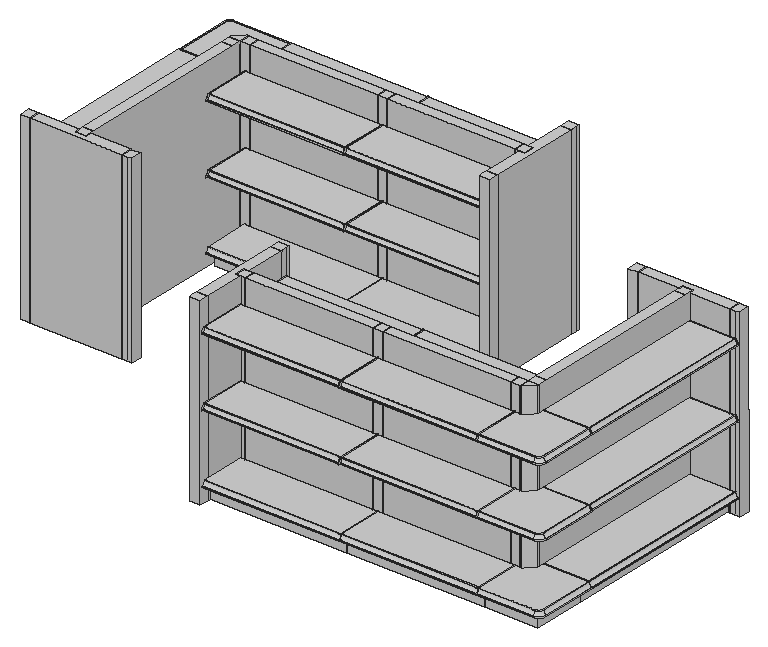
Revit family "QF_ConfigurationB", category Specialty Equipment, Revit 2012 (continued)
Definition of nested family "TL1"
  Automatic sketch dimensions
    Extrusion 15 sketch curve to Extrusion 15 sketch curve = 0' - 0"  (x2)
    Extrusion 15 sketch curve to plane 18 = 0' - 2 7/8"
    Extrusion 15 sketch curve to level = 0' - 4 1/8"
    Extrusion 15 sketch curve to Extrusion 15 sketch curve = 0' - 0 1/8"  (x3)
    Extrusion 15 sketch curve to Extrusion 15 sketch curve = 0' - 1"
    Extrusion 16 sketch curve to plane 18 = 0' - 0"
    Extrusion 16 sketch curve to plane 8 "1st shelf" = 0' - 0"
    Extrusion 16 sketch curve to plane 4 = 0' - 0"
    Extrusion 16 sketch curve to plane 8 "1st shelf" = 0' - 0.22784"
    plane 18 to Extrusion 16 sketch curve = 0' - 1.11011"
    Extrusion 16 sketch curve to plane 18 = 0' - 0 5/8"
    Extrusion 16 sketch curve to Extrusion 16 sketch curve = 0' - 0 1/8"  (x2)
    Extrusion 16 sketch curve to Extrusion 16 sketch curve = 0' - 0 7/8"
    Extrusion 16 sketch curve to Extrusion 16 sketch curve = 0' - 0 3/4"
    Extrusion 16 sketch curve to Extrusion 16 sketch curve = 0' - 0 1/4"  (x2)
    plane 8 "1st shelf" to Extrusion 16 sketch curve = 0' - 0 1/2"  (x2)
    Extrusion 16 sketch curve to Extrusion 16 sketch curve = 0' - 2"
    Extrusion 16 sketch curve to plane 4 = 0' - 1 1/8"
    Extrusion 16 sketch curve to Extrusion 16 sketch curve = 0' - 0"
    Extrusion 16 sketch curve to Extrusion 16 sketch curve = 0' - 2 1/4"
    plane 8 "1st shelf" to Extrusion 16 sketch curve = 0' - 0 5/8"
    Extrusion 17 sketch curve to plane 8 "1st shelf" = 0' - 0"
    Extrusion 17 sketch curve to plane 4 = 0' - 0"
    Extrusion 17 sketch curve to plane 18 = 0' - 0 7/8"  (x2)
    plane 8 "1st shelf" to Extrusion 17 sketch curve = 0' - 0 1/8"
    Extrusion 17 sketch curve to Extrusion 17 sketch curve = 0' - 0 1/8"  (x3)
    Extrusion 17 sketch curve to plane 18 = 0' - 0 1/4"
    Extrusion 17 sketch curve to plane 18 = 0' - 0 1/8"
    Extrusion 17 sketch curve to plane 8 "1st shelf" = 0' - 0.10284"
    plane 18 to Extrusion 17 sketch curve = 0' - 0.86011"
    Extrusion 18 sketch curve to plane 18 = 0' - 0"
    Extrusion 18 sketch curve to plane 8 "1st shelf" = 0' - 0"
    Extrusion 18 sketch curve to plane 4 = 0' - 0"
    plane 8 "1st shelf" to Extrusion 18 sketch curve = 0' - 0.22784"
    Extrusion 18 sketch curve to plane 18 = 0' - 1.11011"
    plane 18 to Extrusion 18 sketch curve = 0' - 0 5/8"
    Extrusion 18 sketch curve to Extrusion 18 sketch curve = 0' - 0 1/8"  (x2)
    Extrusion 18 sketch curve to Extrusion 18 sketch curve = 0' - 0 7/8"
    Extrusion 18 sketch curve to Extrusion 18 sketch curve = 0' - 0 3/4"
    Extrusion 18 sketch curve to Extrusion 18 sketch curve = 0' - 0 1/4"  (x2)
    Extrusion 18 sketch curve to plane 8 "1st shelf" = 0' - 0 1/2"  (x2)
    Extrusion 18 sketch curve to Extrusion 18 sketch curve = 0' - 2"
    plane 4 to Extrusion 18 sketch curve = 0' - 1 1/8"
    Extrusion 18 sketch curve to Extrusion 18 sketch curve = 0' - 0"
    Extrusion 18 sketch curve to Extrusion 18 sketch curve = 0' - 2 1/4"
    Extrusion 18 sketch curve to plane 8 "1st shelf" = 0' - 0 5/8"
    Extrusion 19 sketch curve to plane 18 = 0' - 0"
    Extrusion 19 sketch curve to plane 9 "2nd shelf" = 0' - 0"
    Extrusion 19 sketch curve to plane 4 = 0' - 0"
    Extrusion 19 sketch curve to plane 9 "2nd shelf" = 0' - 0.22784"
    plane 18 to Extrusion 19 sketch curve = 0' - 1.11011"
    Extrusion 19 sketch curve to plane 18 = 0' - 0 5/8"
    Extrusion 19 sketch curve to Extrusion 19 sketch curve = 0' - 0 1/8"  (x2)
    Extrusion 19 sketch curve to Extrusion 19 sketch curve = 0' - 0 7/8"
    Extrusion 19 sketch curve to Extrusion 19 sketch curve = 0' - 0 3/4"
    Extrusion 19 sketch curve to Extrusion 19 sketch curve = 0' - 0 1/4"  (x2)
    plane 9 "2nd shelf" to Extrusion 19 sketch curve = 0' - 0 1/2"  (x2)
    Extrusion 19 sketch curve to Extrusion 19 sketch curve = 0' - 2"
    Extrusion 19 sketch curve to plane 4 = 0' - 1 1/8"
    Extrusion 19 sketch curve to Extrusion 19 sketch curve = 0' - 0"
    Extrusion 19 sketch curve to Extrusion 19 sketch curve = 0' - 2 1/4"
    plane 9 "2nd shelf" to Extrusion 19 sketch curve = 0' - 0 5/8"
    Extrusion 20 sketch curve to plane 18 = 0' - 0"
    Extrusion 20 sketch curve to plane 9 "2nd shelf" = 0' - 0"
    Extrusion 20 sketch curve to plane 4 = 0' - 0"
    Extrusion 20 sketch curve to plane 9 "2nd shelf" = 0' - 0.10284"
    plane 18 to Extrusion 20 sketch curve = 0' - 0.86011"
    Extrusion 20 sketch curve to plane 18 = 0' - 0 1/4"
    Extrusion 20 sketch curve to plane 18 = 0' - 0 3/4"
    Extrusion 20 sketch curve to Extrusion 20 sketch curve = 0' - 0 5/8"
    Extrusion 20 sketch curve to Extrusion 20 sketch curve = 0' - 0 1/8"  (x2)
    plane 9 "2nd shelf" to Extrusion 20 sketch curve = 0' - 0 1/8"
    Extrusion 20 sketch curve to Extrusion 20 sketch curve = 0' - 0 1/4"
    Extrusion 21 sketch curve to plane 18 = 0' - 0"
    Extrusion 21 sketch curve to plane 9 "2nd shelf" = 0' - 0"
    Extrusion 21 sketch curve to plane 4 = 0' - 0"
    plane 9 "2nd shelf" to Extrusion 21 sketch curve = 0' - 0.22784"
    Extrusion 21 sketch curve to plane 18 = 0' - 1.11011"
    plane 18 to Extrusion 21 sketch curve = 0' - 0 5/8"
    Extrusion 21 sketch curve to Extrusion 21 sketch curve = 0' - 0 1/8"  (x2)
    Extrusion 21 sketch curve to Extrusion 21 sketch curve = 0' - 0 7/8"
    Extrusion 21 sketch curve to Extrusion 21 sketch curve = 0' - 0 3/4"
    Extrusion 21 sketch curve to Extrusion 21 sketch curve = 0' - 0 1/4"  (x2)
    Extrusion 21 sketch curve to plane 9 "2nd shelf" = 0' - 0 1/2"  (x2)
    Extrusion 21 sketch curve to Extrusion 21 sketch curve = 0' - 2"
    plane 4 to Extrusion 21 sketch curve = 0' - 1 1/8"
    Extrusion 21 sketch curve to Extrusion 21 sketch curve = 0' - 0"
    Extrusion 21 sketch curve to Extrusion 21 sketch curve = 0' - 2 1/4"
    Extrusion 21 sketch curve to plane 9 "2nd shelf" = 0' - 0 5/8"
    Extrusion 22 sketch curve to plane 18 = 0' - 0"
    Extrusion 22 sketch curve to plane 10 "3rd shelf" = 0' - 0"
    Extrusion 22 sketch curve to plane 4 = 0' - 0"
    Extrusion 22 sketch curve to plane 10 "3rd shelf" = 0' - 0.22784"
    plane 18 to Extrusion 22 sketch curve = 0' - 1.11011"
    Extrusion 22 sketch curve to plane 18 = 0' - 0 5/8"
    Extrusion 22 sketch curve to Extrusion 22 sketch curve = 0' - 0 1/8"  (x2)
    Extrusion 22 sketch curve to Extrusion 22 sketch curve = 0' - 0 7/8"
    Extrusion 22 sketch curve to Extrusion 22 sketch curve = 0' - 0 3/4"
    Extrusion 22 sketch curve to Extrusion 22 sketch curve = 0' - 0 1/4"  (x2)
    plane 10 "3rd shelf" to Extrusion 22 sketch curve = 0' - 0 1/2"  (x2)
    Extrusion 22 sketch curve to Extrusion 22 sketch curve = 0' - 2"
    Extrusion 22 sketch curve to plane 4 = 0' - 1 1/8"
    Extrusion 22 sketch curve to Extrusion 22 sketch curve = 0' - 0"
    Extrusion 22 sketch curve to Extrusion 22 sketch curve = 0' - 2 1/4"
    plane 10 "3rd shelf" to Extrusion 22 sketch curve = 0' - 0 5/8"
    Extrusion 23 sketch curve to plane 18 = 0' - 0"
    Extrusion 23 sketch curve to plane 10 "3rd shelf" = 0' - 0"
    Extrusion 23 sketch curve to plane 4 = 0' - 0"
    Extrusion 23 sketch curve to plane 10 "3rd shelf" = 0' - 0.10284"
    plane 18 to Extrusion 23 sketch curve = 0' - 0.86011"
    Extrusion 23 sketch curve to plane 18 = 0' - 0 1/4"
    Extrusion 23 sketch curve to plane 18 = 0' - 0 3/4"
    Extrusion 23 sketch curve to Extrusion 23 sketch curve = 0' - 0 5/8"
    Extrusion 23 sketch curve to Extrusion 23 sketch curve = 0' - 0 1/8"  (x2)
    plane 10 "3rd shelf" to Extrusion 23 sketch curve = 0' - 0 1/8"
    Extrusion 23 sketch curve to Extrusion 23 sketch curve = 0' - 0 1/4"
    Extrusion 24 sketch curve to plane 18 = 0' - 0"
    Extrusion 24 sketch curve to plane 10 "3rd shelf" = 0' - 0"
    Extrusion 24 sketch curve to plane 4 = 0' - 0"
    plane 10 "3rd shelf" to Extrusion 24 sketch curve = 0' - 0.22784"
    Extrusion 24 sketch curve to plane 18 = 0' - 1.11011"
    plane 18 to Extrusion 24 sketch curve = 0' - 0 5/8"
    Extrusion 24 sketch curve to Extrusion 24 sketch curve = 0' - 0 1/8"  (x2)
    Extrusion 24 sketch curve to Extrusion 24 sketch curve = 0' - 0 7/8"
    Extrusion 24 sketch curve to Extrusion 24 sketch curve = 0' - 0 3/4"
    Extrusion 24 sketch curve to Extrusion 24 sketch curve = 0' - 0 1/4"  (x2)
    Extrusion 24 sketch curve to plane 10 "3rd shelf" = 0' - 0 1/2"  (x2)
    Extrusion 24 sketch curve to Extrusion 24 sketch curve = 0' - 2"
    plane 4 to Extrusion 24 sketch curve = 0' - 1 1/8"
    Extrusion 24 sketch curve to Extrusion 24 sketch curve = 0' - 0"
    Extrusion 24 sketch curve to Extrusion 24 sketch curve = 0' - 2 1/4"
    Extrusion 24 sketch curve to plane 10 "3rd shelf" = 0' - 0 5/8"
    Extrusion 25 sketch curve to plane 18 = 0' - 0"
    Extrusion 25 sketch curve to plane 11 "4th shelf" = 0' - 0"
    Extrusion 25 sketch curve to plane 4 = 0' - 0"
    Extrusion 25 sketch curve to plane 11 "4th shelf" = 0' - 0.22784"
    plane 18 to Extrusion 25 sketch curve = 0' - 1.11011"
    Extrusion 25 sketch curve to plane 18 = 0' - 0 5/8"
    Extrusion 25 sketch curve to Extrusion 25 sketch curve = 0' - 0 1/8"  (x2)
    Extrusion 25 sketch curve to plane 18 = 0' - 0 7/8"
    Extrusion 25 sketch curve to Extrusion 25 sketch curve = 0' - 0 3/4"
    Extrusion 25 sketch curve to Extrusion 25 sketch curve = 0' - 0 1/4"  (x2)
    plane 11 "4th shelf" to Extrusion 25 sketch curve = 0' - 0 1/2"  (x2)
    Extrusion 25 sketch curve to Extrusion 25 sketch curve = 0' - 2"
    Extrusion 25 sketch curve to plane 4 = 0' - 1 1/8"
    Extrusion 25 sketch curve to Extrusion 25 sketch curve = 0' - 0"
    Extrusion 25 sketch curve to Extrusion 25 sketch curve = 0' - 2 1/4"
    plane 11 "4th shelf" to Extrusion 25 sketch curve = 0' - 0 5/8"
    Extrusion 26 sketch curve to plane 18 = 0' - 0"
    Extrusion 26 sketch curve to plane 11 "4th shelf" = 0' - 0"
    Extrusion 26 sketch curve to plane 4 = 0' - 0"
    Extrusion 26 sketch curve to plane 11 "4th shelf" = 0' - 0.10284"
    plane 18 to Extrusion 26 sketch curve = 0' - 0.86011"
    Extrusion 26 sketch curve to plane 18 = 0' - 0 1/4"
    Extrusion 26 sketch curve to plane 18 = 0' - 0 3/4"
    Extrusion 26 sketch curve to Extrusion 26 sketch curve = 0' - 0 5/8"
    Extrusion 26 sketch curve to Extrusion 26 sketch curve = 0' - 0 1/8"  (x2)
    plane 11 "4th shelf" to Extrusion 26 sketch curve = 0' - 0 1/8"
    Extrusion 26 sketch curve to Extrusion 26 sketch curve = 0' - 0 1/4"
    Extrusion 27 sketch curve to plane 18 = 0' - 0"
    Extrusion 27 sketch curve to plane 11 "4th shelf" = 0' - 0"
    Extrusion 27 sketch curve to plane 4 = 0' - 0"
    plane 11 "4th shelf" to Extrusion 27 sketch curve = 0' - 0.22784"
    Extrusion 27 sketch curve to plane 18 = 0' - 1.11011"
    plane 18 to Extrusion 27 sketch curve = 0' - 0 5/8"
    Extrusion 27 sketch curve to Extrusion 27 sketch curve = 0' - 0 1/8"  (x2)
    plane 18 to Extrusion 27 sketch curve = 0' - 0 7/8"
    Extrusion 27 sketch curve to Extrusion 27 sketch curve = 0' - 0 3/4"
    Extrusion 27 sketch curve to Extrusion 27 sketch curve = 0' - 0 1/4"  (x2)
    Extrusion 27 sketch curve to plane 11 "4th shelf" = 0' - 0 1/2"  (x2)
    Extrusion 27 sketch curve to Extrusion 27 sketch curve = 0' - 2"
    plane 4 to Extrusion 27 sketch curve = 0' - 1 1/8"
    Extrusion 27 sketch curve to Extrusion 27 sketch curve = 0' - 0"
    Extrusion 27 sketch curve to Extrusion 27 sketch curve = 0' - 2 1/4"
    Extrusion 27 sketch curve to plane 11 "4th shelf" = 0' - 0 5/8"
    Extrusion 1 sketch curve to level = 0' - 0"
    Extrusion 1 sketch curve to plane 6 = 0' - 0"  (x2)
    plane 13 to Extrusion 1 sketch curve = 0' - 0"
    plane 6 to Extrusion 1 sketch curve = 0' - 0"
    plane 14 to Extrusion 1 sketch curve = 0' - 0"
    plane 13 to Extrusion 1 sketch curve = 0' - 1 1/4"
    plane 15 to Extrusion 1 sketch curve = 0' - 1 1/8"  (x2)
    Extrusion 1 sketch curve to Extrusion 1 sketch curve = 0' - 0.0315"
    plane 16 to Extrusion 1 sketch curve = 0' - 1.15576"
    level to Extrusion 1 sketch curve = 0' - 0 1/32"  (x2)
    Extrusion 1 sketch curve to Extrusion 1 sketch curve = 0' - 0.03076"
    Extrusion 1 sketch curve to plane 14 = 0' - 1 1/4"
    Extrusion 1 to Split face 1 sketch curve = 0' - 0"
    Split face 1 sketch curve to Extrusion 1 = 0' - 0"  (x4)
    Extrusion 1 to Split face 2 sketch curve = 0' - 0"
    Split face 2 sketch curve to Extrusion 1 = 0' - 0"  (x4)
    radius of Extrusion 3 sketch curve = 0' - 0 1/8"  (x2)
    radius of Extrusion 5 sketch curve = 0' - 0 1/8"  (x2)
    radius of Extrusion 6 sketch curve = 0' - 0 1/8"  (x2)
    radius of Extrusion 8 sketch curve = 0' - 0 1/8"  (x2)
    radius of Extrusion 9 sketch curve = 0' - 0 1/8"  (x2)
    radius of Extrusion 11 sketch curve = 0' - 0 1/8"  (x2)
    radius of Extrusion 12 sketch curve = 0' - 0 1/8"  (x2)
    radius of Extrusion 14 sketch curve = 0' - 0 1/8"  (x2)
    radius of Extrusion 16 sketch curve = 0' - 0 1/8"  (x2)
    radius of Extrusion 18 sketch curve = 0' - 0 1/8"  (x2)
    radius of Extrusion 19 sketch curve = 0' - 0 1/8"  (x2)
    radius of Extrusion 21 sketch curve = 0' - 0 1/8"  (x2)
    radius of Extrusion 22 sketch curve = 0' - 0 1/8"  (x2)
    radius of Extrusion 24 sketch curve = 0' - 0 1/8"  (x2)
    radius of Extrusion 25 sketch curve = 0' - 0 1/8"  (x2)
    radius of Extrusion 27 sketch curve = 0' - 0 1/8"  (x2)
Definition of nested family "TL2"
  Parameters (values of type "Maxi Line Add-On (Default)")
    Width = 3' - 0"
    "Front" Base Shelf [instance] = yes
    "Front" Shelf 2' [instance] = yes
    "Front" Shelf 3' - 6" [instance] = yes
    "Front" Shelf 5' [instance] = no
    "Front" Shelf 6' - 6" [instance] = no
    "Back" Base Shelf [instance] = yes
    "Back" Shelf 2' [instance] = yes
    "Back" Shelf 3' - 6" [instance] = yes
    "Front" Shelf Depth = 1' - 0"
    "Back" Shelf 5' [instance] = no
    "Back" Shelf Depth = 1' - 0"
    Upright Height = 4' - 0"
    "Back" Shelf 6' - 6" [instance] = no
  Reference planes (in)
    plane 1 "Center (Front/Back)": y = 0
    plane 2: z = 0
    plane 3 "Center (Left/Right)": x = 0
    plane 4: y = 1.375
    plane 5: y = -1.375
    plane 6: z = 48
    plane 7: z = 0
    plane 8 "1st shelf": z = 23.5
    plane 9 "2nd shelf": z = 41.5
    plane 10 "3rd shelf": z = 59.5
    plane 11 "4th shelf": z = 77.5
    plane 12: y = -14.25
    plane 13: x = -18
    plane 14: x = 18
    plane 15: x = -17.875
    plane 16: x = 17.875
    plane 17: z = 41.5
    plane 18: y = 14.25
    plane 19: y = 13.375
    plane 20: y = -13.375
  Forms (in)
    Extrusion 1, solid, material "Metal - Steel"
      sketch origin (-24, 1.375, 0) x (1, 0, 0) y (0, 0, 1)
        loop
          line (42, 0) -> (43.25, 0) -> (43.25, 48) -> (40.75, 48) -> (40.75, 0.03125) -> (40.71924, 0.03125) -> (40.71924, 48) -> (7.25, 48) -> (7.25, 0) -> (42, 0)
      from 0 to 2.75
    Extrusion 2, solid, material "Metal - Steel", visible <- ""Front" Base Shelf"
      sketch origin (0, 10, 0) x (0, 1, 0) y (0, 0, 1)
        loop
          line (-11.375, 0) -> (-11.375, 5.5) -> (-23.375, 5.5) -> (-23.50139, 5.5) -> (-23.50139, 5.375) -> (-23.375, 5.375)
          arc (-23.375, 5.375) -> (-23.63696, 4.73714) -> (-24.125, 4.25) r 1.75
          line (-24.125, 4.25) -> (-24.125, 4.375) -> (-24.25, 4.375) -> (-24.25, 4.25) -> (-24.25, 4.125) -> (-21.375, 4.125) -> (-21.375, 0) -> (-11.375, 0)
      from -18 to 18
    Extrusion 3, solid, material "Metal - Steel", visible <- ""Front" Shelf 2'"
      sketch origin (0, 0, 0) x (0, 1, 0) y (0, 0, 1)
        loop
          line (-1.375, 23.5) -> (-13.5, 23.5) -> (-13.625, 23.5)
          arc (-13.625, 23.5) -> (-13.83033, 22.87796) -> (-14.25, 22.375) r 1.75
          line (-14.25, 22.375) -> (-14.25, 22.125) -> (-13.375, 22.125) -> (-13.375, 22.375) -> (-12.625, 23) -> (-12.375, 23) -> (-12.375, 22.875) -> (-1.375, 20.75) -> (-1.375, 23.5)
        loop
          circle (-10.375, 23) r 0.125
        loop
          circle (-2.5, 23) r 0.125
      from -18 to -17.875
    Extrusion 4, solid, material "Metal - Steel", visible <- ""Front" Shelf 2'"
      sketch origin (0, 0, 0) x (0, 1, 0) y (0, 0, 1)
        loop
          line (-13.5, 23.5) -> (-13.5, 23.375) -> (-13.375, 23.375)
          arc (-13.375, 23.375) -> (-13.58033, 22.75296) -> (-14, 22.25) r 1.75
          line (-14, 22.25) -> (-14, 22.375) -> (-14.125, 22.375) -> (-14.125, 22.125) -> (-13.375, 22.125) -> (-1.375, 22.125) -> (-1.375, 23.5) -> (-13.5, 23.5)
      from -17.875 to 17.875
    Extrusion 5, solid, material "Metal - Steel", visible <- ""Front" Shelf 2'"
      sketch origin (0, 0, 0) x (0, 1, 0) y (0, 0, -1)
        loop
          line (-1.375, -23.5) -> (-1.375, -20.75) -> (-12.375, -22.875) -> (-12.375, -23) -> (-12.625, -23) -> (-13.375, -22.375) -> (-13.375, -22.125) -> (-14.25, -22.125) -> (-14.25, -22.375)
          arc (-14.25, -22.375) -> (-13.83033, -22.87796) -> (-13.625, -23.5) r 1.75
          line (-13.625, -23.5) -> (-13.5, -23.5) -> (-1.375, -23.5)
        loop
          circle (-10.375, -23) r 0.125
        loop
          circle (-2.5, -23) r 0.125
      from -18 to -17.875
    Extrusion 6, solid, material "Metal - Steel", visible <- ""Front" Shelf 3' - 6""
      sketch origin (0, 0, 18) x (0, 1, 0) y (0, 0, 1)
        loop
          line (-1.375, 23.5) -> (-13.5, 23.5) -> (-13.625, 23.5)
          arc (-13.625, 23.5) -> (-13.83033, 22.87796) -> (-14.25, 22.375) r 1.75
          line (-14.25, 22.375) -> (-14.25, 22.125) -> (-13.375, 22.125) -> (-13.375, 22.375) -> (-12.625, 23) -> (-12.375, 23) -> (-12.375, 22.875) -> (-1.375, 20.75) -> (-1.375, 23.5)
        loop
          circle (-10.375, 23) r 0.125
        loop
          circle (-2.5, 23) r 0.125
      from -18 to -17.875
    Extrusion 7, solid, material "Metal - Steel", visible <- ""Front" Shelf 3' - 6""
      sketch origin (0, 0, 18) x (0, 1, 0) y (0, 0, 1)
        loop
          line (-13.5, 23.5) -> (-13.5, 23.375) -> (-13.375, 23.375)
          arc (-13.375, 23.375) -> (-13.58033, 22.75296) -> (-14, 22.25) r 1.75
          line (-14, 22.25) -> (-14, 22.375) -> (-14.25, 22.375) -> (-14.25, 22.125) -> (-13.375, 22.125) -> (-1.375, 22.125) -> (-1.375, 23.5) -> (-13.5, 23.5)
      from -17.875 to 17.875
    Extrusion 8, solid, material "Metal - Steel", visible <- ""Front" Shelf 3' - 6""
      sketch origin (0, 0, 18) x (0, 1, 0) y (0, 0, -1)
        loop
          line (-1.375, -23.5) -> (-1.375, -20.75) -> (-12.375, -22.875) -> (-12.375, -23) -> (-12.625, -23) -> (-13.375, -22.375) -> (-13.375, -22.125) -> (-14.25, -22.125) -> (-14.25, -22.375)
          arc (-14.25, -22.375) -> (-13.83033, -22.87796) -> (-13.625, -23.5) r 1.75
          line (-13.625, -23.5) -> (-13.5, -23.5) -> (-1.375, -23.5)
        loop
          circle (-10.375, -23) r 0.125
        loop
          circle (-2.5, -23) r 0.125
      from -18 to -17.875
    Extrusion 9, solid, material "Metal - Steel", visible <- ""Front" Shelf 5'"
      sketch origin (0, 0, 36) x (0, 1, 0) y (0, 0, 1)
        loop
          line (-1.375, 23.5) -> (-13.5, 23.5) -> (-13.625, 23.5)
          arc (-13.625, 23.5) -> (-13.83033, 22.87796) -> (-14.25, 22.375) r 1.75
          line (-14.25, 22.375) -> (-14.25, 22.125) -> (-13.375, 22.125) -> (-13.375, 22.375) -> (-12.625, 23) -> (-12.375, 23) -> (-12.375, 22.875) -> (-1.375, 20.75) -> (-1.375, 23.5)
        loop
          circle (-10.375, 23) r 0.125
        loop
          circle (-2.5, 23) r 0.125
      from -18 to -17.875
    Extrusion 10, solid, material "Metal - Steel", visible <- ""Front" Shelf 5'"
      sketch origin (0, 0, 36) x (0, 1, 0) y (0, 0, 1)
        loop
          line (-13.5, 23.5) -> (-13.5, 23.375) -> (-13.375, 23.375)
          arc (-13.375, 23.375) -> (-13.58033, 22.75296) -> (-14, 22.25) r 1.75
          line (-14, 22.25) -> (-14, 22.375) -> (-14.25, 22.375) -> (-14.25, 22.125) -> (-13.375, 22.125) -> (-1.375, 22.125) -> (-1.375, 23.5) -> (-13.5, 23.5)
      from -17.875 to 17.875
    Extrusion 11, solid, material "Metal - Steel", visible <- ""Front" Shelf 5'"
      sketch origin (0, 0, 36) x (0, 1, 0) y (0, 0, -1)
        loop
          line (-1.375, -23.5) -> (-1.375, -20.75) -> (-12.375, -22.875) -> (-12.375, -23) -> (-12.625, -23) -> (-13.375, -22.375) -> (-13.375, -22.125) -> (-14.25, -22.125) -> (-14.25, -22.375)
          arc (-14.25, -22.375) -> (-13.83033, -22.87796) -> (-13.625, -23.5) r 1.75
          line (-13.625, -23.5) -> (-13.5, -23.5) -> (-1.375, -23.5)
        loop
          circle (-10.375, -23) r 0.125
        loop
          circle (-2.5, -23) r 0.125
      from -18 to -17.875
    Extrusion 12, solid, material "Metal - Steel", visible <- ""Front" Shelf 6' - 6""
      sketch origin (0, 0, 54) x (0, 1, 0) y (0, 0, 1)
        loop
          line (-1.375, 23.5) -> (-13.5, 23.5) -> (-13.625, 23.5)
          arc (-13.625, 23.5) -> (-13.83033, 22.87796) -> (-14.25, 22.375) r 1.75
          line (-14.25, 22.375) -> (-14.25, 22.125) -> (-13.375, 22.125) -> (-13.375, 22.375) -> (-12.625, 23) -> (-12.375, 23) -> (-12.375, 22.875) -> (-1.375, 20.75) -> (-1.375, 23.5)
        loop
          circle (-10.375, 23) r 0.125
        loop
          circle (-2.5, 23) r 0.125
      from -18 to -17.875
    Extrusion 13, solid, material "Metal - Steel", visible <- ""Front" Shelf 6' - 6""
      sketch origin (0, 0, 54) x (0, 1, 0) y (0, 0, 1)
        loop
          line (-13.5, 23.5) -> (-13.5, 23.375) -> (-13.375, 23.375)
          arc (-13.375, 23.375) -> (-13.58033, 22.75296) -> (-14, 22.25) r 1.75
          line (-14, 22.25) -> (-14, 22.375) -> (-14.25, 22.375) -> (-14.25, 22.125) -> (-13.375, 22.125) -> (-1.375, 22.125) -> (-1.375, 23.5) -> (-13.5, 23.5)
      from -17.875 to 17.875
    Extrusion 14, solid, material "Metal - Steel", visible <- ""Front" Shelf 6' - 6""
      sketch origin (0, 0, 54) x (0, 1, 0) y (0, 0, -1)
        loop
          line (-1.375, -23.5) -> (-1.375, -20.75) -> (-12.375, -22.875) -> (-12.375, -23) -> (-12.625, -23) -> (-13.375, -22.375) -> (-13.375, -22.125) -> (-14.25, -22.125) -> (-14.25, -22.375)
          arc (-14.25, -22.375) -> (-13.83033, -22.87796) -> (-13.625, -23.5) r 1.75
          line (-13.625, -23.5) -> (-13.5, -23.5) -> (-1.375, -23.5)
        loop
          circle (-10.375, -23) r 0.125
        loop
          circle (-2.5, -23) r 0.125
      from -18 to -17.875
    Extrusion 15, solid, material "Metal - Steel", visible <- ""Back" Base Shelf"
      sketch origin (0, -10, 0) x (0, -1, 0) y (0, 0, -1)
        loop
          line (-11.375, 0) -> (-21.375, 0) -> (-21.375, -4.125) -> (-24.25, -4.125) -> (-24.25, -4.25) -> (-24.25, -4.375) -> (-24.125, -4.375) -> (-24.125, -4.25)
          arc (-24.125, -4.25) -> (-23.63696, -4.73714) -> (-23.375, -5.375) r 1.75
          line (-23.375, -5.375) -> (-23.50139, -5.375) -> (-23.50139, -5.5) -> (-23.375, -5.5) -> (-11.375, -5.5) -> (-11.375, 0)
      from -18 to 18
    Extrusion 16, solid, material "Metal - Steel", visible <- ""Back" Shelf 2'"
      sketch origin (0, 0, 0) x (0, -1, 0) y (0, 0, -1)
        loop
          line (-1.375, -23.5) -> (-1.375, -20.75) -> (-12.375, -22.875) -> (-12.375, -23) -> (-12.625, -23) -> (-13.375, -22.375) -> (-13.375, -22.125) -> (-14.25, -22.125) -> (-14.25, -22.375)
          arc (-14.25, -22.375) -> (-13.83033, -22.87796) -> (-13.625, -23.5) r 1.75
          line (-13.625, -23.5) -> (-13.5, -23.5) -> (-1.375, -23.5)
        loop
          circle (-10.375, -23) r 0.125
        loop
          circle (-2.5, -23) r 0.125
      from -18 to -17.875
    Extrusion 17, solid, material "Metal - Steel", visible <- ""Back" Shelf 2'"
      sketch origin (0, 0, 0) x (0, -1, 0) y (0, 0, -1)
        loop
          line (-13.5, -23.5) -> (-1.375, -23.5) -> (-1.375, -22.125) -> (-13.375, -22.125) -> (-14.125, -22.125) -> (-14.125, -22.375) -> (-14, -22.375) -> (-14, -22.25)
          arc (-14, -22.25) -> (-13.58033, -22.75296) -> (-13.375, -23.375) r 1.75
          line (-13.375, -23.375) -> (-13.5, -23.375) -> (-13.5, -23.5)
      from -17.875 to 17.875
    Extrusion 18, solid, material "Metal - Steel", visible <- ""Back" Shelf 2'"
      sketch origin (0, 0, 0) x (0, -1, 0) y (0, 0, 1)
        loop
          line (-1.375, 23.5) -> (-13.5, 23.5) -> (-13.625, 23.5)
          arc (-13.625, 23.5) -> (-13.83033, 22.87796) -> (-14.25, 22.375) r 1.75
          line (-14.25, 22.375) -> (-14.25, 22.125) -> (-13.375, 22.125) -> (-13.375, 22.375) -> (-12.625, 23) -> (-12.375, 23) -> (-12.375, 22.875) -> (-1.375, 20.75) -> (-1.375, 23.5)
        loop
          circle (-10.375, 23) r 0.125
        loop
          circle (-2.5, 23) r 0.125
      from -18 to -17.875
    Extrusion 19, solid, material "Metal - Steel", visible <- ""Back" Shelf 3' - 6""
      sketch origin (0, 0, 18) x (0, -1, 0) y (0, 0, -1)
        loop
          line (-1.375, -23.5) -> (-1.375, -20.75) -> (-12.375, -22.875) -> (-12.375, -23) -> (-12.625, -23) -> (-13.375, -22.375) -> (-13.375, -22.125) -> (-14.25, -22.125) -> (-14.25, -22.375)
          arc (-14.25, -22.375) -> (-13.83033, -22.87796) -> (-13.625, -23.5) r 1.75
          line (-13.625, -23.5) -> (-13.5, -23.5) -> (-1.375, -23.5)
        loop
          circle (-10.375, -23) r 0.125
        loop
          circle (-2.5, -23) r 0.125
      from -18 to -17.875
    Extrusion 20, solid, material "Metal - Steel", visible <- ""Back" Shelf 3' - 6""
      sketch origin (0, 0, 18) x (0, -1, 0) y (0, 0, -1)
        loop
          line (-13.5, -23.5) -> (-1.375, -23.5) -> (-1.375, -22.125) -> (-13.375, -22.125) -> (-14.25, -22.125) -> (-14.25, -22.375) -> (-14, -22.375) -> (-14, -22.25)
          arc (-14, -22.25) -> (-13.58033, -22.75296) -> (-13.375, -23.375) r 1.75
          line (-13.375, -23.375) -> (-13.5, -23.375) -> (-13.5, -23.5)
      from -17.875 to 17.875
    Extrusion 21, solid, material "Metal - Steel", visible <- ""Back" Shelf 3' - 6""
      sketch origin (0, 0, 18) x (0, -1, 0) y (0, 0, 1)
        loop
          line (-1.375, 23.5) -> (-13.5, 23.5) -> (-13.625, 23.5)
          arc (-13.625, 23.5) -> (-13.83033, 22.87796) -> (-14.25, 22.375) r 1.75
          line (-14.25, 22.375) -> (-14.25, 22.125) -> (-13.375, 22.125) -> (-13.375, 22.375) -> (-12.625, 23) -> (-12.375, 23) -> (-12.375, 22.875) -> (-1.375, 20.75) -> (-1.375, 23.5)
        loop
          circle (-10.375, 23) r 0.125
        loop
          circle (-2.5, 23) r 0.125
      from -18 to -17.875
    Extrusion 22, solid, material "Metal - Steel", visible <- ""Back" Shelf 5'"
      sketch origin (0, 0, 36) x (0, -1, 0) y (0, 0, -1)
        loop
          line (-1.375, -23.5) -> (-1.375, -20.75) -> (-12.375, -22.875) -> (-12.375, -23) -> (-12.625, -23) -> (-13.375, -22.375) -> (-13.375, -22.125) -> (-14.25, -22.125) -> (-14.25, -22.375)
          arc (-14.25, -22.375) -> (-13.83033, -22.87796) -> (-13.625, -23.5) r 1.75
          line (-13.625, -23.5) -> (-13.5, -23.5) -> (-1.375, -23.5)
        loop
          circle (-10.375, -23) r 0.125
        loop
          circle (-2.5, -23) r 0.125
      from -18 to -17.875
    Extrusion 23, solid, material "Metal - Steel", visible <- ""Back" Shelf 5'"
      sketch origin (0, 0, 36) x (0, -1, 0) y (0, 0, -1)
        loop
          line (-13.5, -23.5) -> (-1.375, -23.5) -> (-1.375, -22.125) -> (-13.375, -22.125) -> (-14.25, -22.125) -> (-14.25, -22.375) -> (-14, -22.375) -> (-14, -22.25)
          arc (-14, -22.25) -> (-13.58033, -22.75296) -> (-13.375, -23.375) r 1.75
          line (-13.375, -23.375) -> (-13.5, -23.375) -> (-13.5, -23.5)
      from -17.875 to 17.875
    Extrusion 24, solid, material "Metal - Steel", visible <- ""Back" Shelf 5'"
      sketch origin (0, 0, 36) x (0, -1, 0) y (0, 0, 1)
        loop
          line (-1.375, 23.5) -> (-13.5, 23.5) -> (-13.625, 23.5)
          arc (-13.625, 23.5) -> (-13.83033, 22.87796) -> (-14.25, 22.375) r 1.75
          line (-14.25, 22.375) -> (-14.25, 22.125) -> (-13.375, 22.125) -> (-13.375, 22.375) -> (-12.625, 23) -> (-12.375, 23) -> (-12.375, 22.875) -> (-1.375, 20.75) -> (-1.375, 23.5)
        loop
          circle (-10.375, 23) r 0.125
        loop
          circle (-2.5, 23) r 0.125
      from -18 to -17.875
    Extrusion 25, solid, material "Metal - Steel", visible <- ""Back" Shelf 6' - 6""
      sketch origin (0, 0, 54) x (0, -1, 0) y (0, 0, -1)
        loop
          line (-1.375, -23.5) -> (-1.375, -20.75) -> (-12.375, -22.875) -> (-12.375, -23) -> (-12.625, -23) -> (-13.375, -22.375) -> (-13.375, -22.125) -> (-14.25, -22.125) -> (-14.25, -22.375)
          arc (-14.25, -22.375) -> (-13.83033, -22.87796) -> (-13.625, -23.5) r 1.75
          line (-13.625, -23.5) -> (-13.5, -23.5) -> (-1.375, -23.5)
        loop
          circle (-10.375, -23) r 0.125
        loop
          circle (-2.5, -23) r 0.125
      from -18 to -17.875
    Extrusion 26, solid, material "Metal - Steel", visible <- ""Back" Shelf 6' - 6""
      sketch origin (0, 0, 54) x (0, -1, 0) y (0, 0, -1)
        loop
          line (-13.5, -23.5) -> (-1.375, -23.5) -> (-1.375, -22.125) -> (-13.375, -22.125) -> (-14.25, -22.125) -> (-14.25, -22.375) -> (-14, -22.375) -> (-14, -22.25)
          arc (-14, -22.25) -> (-13.58033, -22.75296) -> (-13.375, -23.375) r 1.75
          line (-13.375, -23.375) -> (-13.5, -23.375) -> (-13.5, -23.5)
      from -17.875 to 17.875
    Extrusion 27, solid, material "Metal - Steel", visible <- ""Back" Shelf 6' - 6""
      sketch origin (0, 0, 54) x (0, -1, 0) y (0, 0, 1)
        loop
          line (-1.375, 23.5) -> (-13.5, 23.5) -> (-13.625, 23.5)
          arc (-13.625, 23.5) -> (-13.83033, 22.87796) -> (-14.25, 22.375) r 1.75
          line (-14.25, 22.375) -> (-14.25, 22.125) -> (-13.375, 22.125) -> (-13.375, 22.375) -> (-12.625, 23) -> (-12.375, 23) -> (-12.375, 22.875) -> (-1.375, 20.75) -> (-1.375, 23.5)
        loop
          circle (-10.375, 23) r 0.125
        loop
          circle (-2.5, 23) r 0.125
      from -18 to -17.875
  Lines and regions (in)
    Split face 1
      outline origin (-24, -1.375, 0) x (1, 0, 0) y (0, 0, 1)
        loop
          line (40.71924, 48) -> (40.71924, 0.03125) -> (7.25, 0.03125) -> (7.25, 48)
    Split face 2
      outline origin (-24, 1.375, 0) x (1, 0, 0) y (0, 0, 1)
        loop
          line (40.71924, 48) -> (40.71924, 0.03125) -> (7.25, 0.03125) -> (7.25, 48)
    reference lines
      curve 1: line (-16.75, 0, 23.5) -> (16.71875, 0, 23.5)
      curve 2: line (-16.75, 0, 59.5) -> (16.71875, 0, 59.5)
      curve 3: line (16.71875, 0, 77.5) -> (-16.71875, 0, 77.5)
  Dimensions and locks (in)
    "Upright Height": plane 6 to level
    ""Front" Shelf Depth": plane 20 to plane 5
    equal spacing: plane 13, plane 3 "Center (Left/Right)", plane 14
    "Width": plane 13 to plane 14
    locked: plane 13 to plane 15 at 0.125
    locked: plane 16 to plane 14 at 0.125
    ""Back" Shelf Depth": plane 4 to plane 19
    locked: plane 19 to plane 18 at 0.875
    locked: plane 20 to plane 12 at 0.875
    aligned and locked: level to plane 2
    aligned and locked: plane 12 to Extrusion 2
    aligned and locked: Extrusion 2 to plane 5
    aligned and locked: plane 13 to Extrusion 2
    aligned and locked: plane 14 to Extrusion 2
    aligned and locked: Extrusion 4 to Extrusion 5
    aligned and locked: Extrusion 3 to Extrusion 2
    aligned and locked: plane 15 to Extrusion 3
    aligned and locked: Extrusion 4 to Extrusion 3
    aligned and locked: Extrusion 5 to Extrusion 2
    aligned and locked: plane 16 to Extrusion 5
    aligned and locked: Extrusion 7 to Extrusion 8
    aligned and locked: Extrusion 7 to Extrusion 6
    aligned and locked: Extrusion 6 to Extrusion 3
    aligned and locked: Extrusion 8 to Extrusion 4
    aligned and locked: Extrusion 8 to Extrusion 2
    aligned and locked: Extrusion 2 to Extrusion 7
    aligned and locked: plane 15 to Extrusion 6
    aligned and locked: Extrusion 6 to Extrusion 2
    aligned and locked: Extrusion 10 to Extrusion 11
    aligned and locked: Extrusion 10 to Extrusion 9
    aligned and locked: Extrusion 9 to Extrusion 3
    aligned and locked: Extrusion 2 to Extrusion 10
    aligned and locked: Extrusion 11 to Extrusion 2
    aligned and locked: Extrusion 11 to Extrusion 4
    aligned and locked: Extrusion 9 to Extrusion 2
    aligned and locked: Extrusion 13 to Extrusion 14
    aligned and locked: Extrusion 13 to Extrusion 12
    aligned and locked: Extrusion 12 to Extrusion 2
    aligned and locked: Extrusion 12 to Extrusion 3
    aligned and locked: Extrusion 2 to Extrusion 13
    aligned and locked: Extrusion 14 to Extrusion 2
    aligned and locked: Extrusion 14 to Extrusion 4
    aligned and locked: Extrusion 15 to Extrusion 2
    aligned and locked: Extrusion 2 to Extrusion 15
    aligned and locked: plane 13 to Extrusion 15
    aligned and locked: Extrusion 18 to Extrusion 17
    aligned and locked: Extrusion 16 to Extrusion 17
    aligned and locked: Extrusion 15 to plane 18
    aligned and locked: plane 15 to Extrusion 16
    aligned and locked: Extrusion 18 to Extrusion 4
    aligned and locked: Extrusion 16 to Extrusion 2
    aligned and locked: Extrusion 21 to Extrusion 20
    aligned and locked: Extrusion 19 to Extrusion 20
    aligned and locked: Extrusion 15 to Extrusion 20
    aligned and locked: plane 15 to Extrusion 19
    aligned and locked: plane 13 to Extrusion 19
    aligned and locked: Extrusion 21 to plane 14
    aligned and locked: plane 16 to Extrusion 21
    aligned and locked: Extrusion 24 to Extrusion 23
    aligned and locked: Extrusion 22 to Extrusion 23
    aligned and locked: Extrusion 15 to Extrusion 23
    aligned and locked: plane 16 to Extrusion 24
    aligned and locked: Extrusion 24 to plane 14
    aligned and locked: plane 15 to Extrusion 22
    aligned and locked: plane 13 to Extrusion 22
    aligned and locked: Extrusion 27 to Extrusion 26
    aligned and locked: Extrusion 25 to Extrusion 26
    aligned and locked: Extrusion 15 to Extrusion 26
    aligned and locked: plane 13 to Extrusion 25
    aligned and locked: plane 15 to Extrusion 25
    aligned and locked: Extrusion 27 to plane 14
    aligned and locked: plane 16 to Extrusion 27
    aligned and locked: plane 19 to Extrusion 15
    aligned and locked: plane 20 to Extrusion 2
  Automatic sketch dimensions
    curve 2 to plane 10 "3rd shelf" = 0' - 0"
    curve 1 to plane 8 "1st shelf" = 0' - 0"
    curve 3 to plane 11 "4th shelf" = 0' - 0"
    plane 15 to curve 2 = 0' - 1 1/8"
    plane 15 to curve 1 = 0' - 1 1/8"
    plane 15 to curve 3 = 0' - 1 5/32"
    plane 16 to curve 3 = 0' - 1 5/32"
    plane 16 to curve 2 = 0' - 1 5/32"
    plane 16 to curve 1 = 0' - 1 5/32"
    Extrusion 2 sketch curve to plane 12 = 0' - 0"
    Extrusion 2 sketch curve to level = 0' - 0"
    Extrusion 2 sketch curve to plane 5 = 0' - 0"
    Extrusion 2 sketch curve to plane 12 = 0' - 0.84305"
    plane 12 to Extrusion 2 sketch curve = 0' - 0 1/8"
    plane 12 to Extrusion 2 sketch curve = 0' - 0.74861"
    Extrusion 2 sketch curve to Extrusion 2 sketch curve = 0' - 0.12639"
    Extrusion 2 sketch curve to Extrusion 2 sketch curve = 0' - 0"
    plane 12 to Extrusion 2 sketch curve = 0' - 2 7/8"
    level to Extrusion 2 sketch curve = 0' - 4 1/8"
    Extrusion 2 sketch curve to Extrusion 2 sketch curve = 0' - 0 1/8"  (x4)
    Extrusion 2 sketch curve to Extrusion 2 sketch curve = 0' - 1"
    Extrusion 3 sketch curve to plane 12 = 0' - 0"
    Extrusion 3 sketch curve to plane 8 "1st shelf" = 0' - 0"
    Extrusion 3 sketch curve to plane 5 = 0' - 0"
    plane 8 "1st shelf" to Extrusion 3 sketch curve = 0' - 0.22784"
    Extrusion 3 sketch curve to plane 12 = 0' - 1.11011"
    plane 12 to Extrusion 3 sketch curve = 0' - 0 5/8"
    Extrusion 3 sketch curve to Extrusion 3 sketch curve = 0' - 0 1/8"  (x2)
    plane 12 to Extrusion 3 sketch curve = 0' - 0 7/8"
    Extrusion 3 sketch curve to Extrusion 3 sketch curve = 0' - 0 3/4"
    Extrusion 3 sketch curve to Extrusion 3 sketch curve = 0' - 0 1/4"  (x2)
    Extrusion 3 sketch curve to plane 8 "1st shelf" = 0' - 0 1/2"  (x2)
    Extrusion 3 sketch curve to Extrusion 3 sketch curve = 0' - 2"
    plane 5 to Extrusion 3 sketch curve = 0' - 1 1/8"
    Extrusion 3 sketch curve to Extrusion 3 sketch curve = 0' - 0"
    Extrusion 3 sketch curve to Extrusion 3 sketch curve = 0' - 2 1/4"
    Extrusion 3 sketch curve to plane 8 "1st shelf" = 0' - 0 5/8"
    Extrusion 4 sketch curve to plane 8 "1st shelf" = 0' - 0"
    Extrusion 4 sketch curve to plane 5 = 0' - 0"
    plane 12 to Extrusion 4 sketch curve = 0' - 0 7/8"  (x2)
    Extrusion 4 sketch curve to plane 8 "1st shelf" = 0' - 0 1/8"
    Extrusion 4 sketch curve to Extrusion 4 sketch curve = 0' - 0 1/8"  (x3)
    plane 12 to Extrusion 4 sketch curve = 0' - 0 1/4"
    plane 12 to Extrusion 4 sketch curve = 0' - 0 1/8"
    plane 8 "1st shelf" to Extrusion 4 sketch curve = 0' - 0.10284"
    Extrusion 4 sketch curve to plane 12 = 0' - 0.86011"
    Extrusion 5 sketch curve to plane 12 = 0' - 0"
    Extrusion 5 sketch curve to plane 8 "1st shelf" = 0' - 0"
    Extrusion 5 sketch curve to plane 5 = 0' - 0"
    plane 8 "1st shelf" to Extrusion 5 sketch curve = 0' - 0.22784"
    Extrusion 5 sketch curve to plane 12 = 0' - 1.11011"
    plane 12 to Extrusion 5 sketch curve = 0' - 0 5/8"
    Extrusion 5 sketch curve to Extrusion 5 sketch curve = 0' - 0 1/8"  (x2)
    plane 12 to Extrusion 5 sketch curve = 0' - 0 7/8"
    Extrusion 5 sketch curve to Extrusion 5 sketch curve = 0' - 0 3/4"
    Extrusion 5 sketch curve to Extrusion 5 sketch curve = 0' - 0 1/4"  (x2)
    Extrusion 5 sketch curve to plane 8 "1st shelf" = 0' - 0 1/2"  (x3)
    Extrusion 5 sketch curve to Extrusion 5 sketch curve = 0' - 2"
    plane 5 to Extrusion 5 sketch curve = 0' - 1 1/8"
    Extrusion 5 sketch curve to Extrusion 5 sketch curve = 0' - 0"
    Extrusion 5 sketch curve to Extrusion 5 sketch curve = 0' - 2 1/4"
    Extrusion 6 sketch curve to plane 12 = 0' - 0"
    Extrusion 6 sketch curve to plane 9 "2nd shelf" = 0' - 0"
    Extrusion 6 sketch curve to plane 5 = 0' - 0"
    plane 9 "2nd shelf" to Extrusion 6 sketch curve = 0' - 0.22784"
    Extrusion 6 sketch curve to plane 12 = 0' - 1.11011"
    plane 12 to Extrusion 6 sketch curve = 0' - 0 5/8"
    Extrusion 6 sketch curve to Extrusion 6 sketch curve = 0' - 0 1/8"  (x2)
    plane 12 to Extrusion 6 sketch curve = 0' - 0 7/8"
    Extrusion 6 sketch curve to Extrusion 6 sketch curve = 0' - 0 3/4"
    Extrusion 6 sketch curve to Extrusion 6 sketch curve = 0' - 0 1/4"  (x2)
    Extrusion 6 sketch curve to plane 9 "2nd shelf" = 0' - 0 1/2"  (x2)
    Extrusion 6 sketch curve to Extrusion 6 sketch curve = 0' - 2"
    plane 5 to Extrusion 6 sketch curve = 0' - 1 1/8"
    Extrusion 6 sketch curve to Extrusion 6 sketch curve = 0' - 0"
    Extrusion 6 sketch curve to Extrusion 6 sketch curve = 0' - 2 1/4"
    Extrusion 6 sketch curve to plane 9 "2nd shelf" = 0' - 0 5/8"
    Extrusion 7 sketch curve to plane 12 = 0' - 0"
    Extrusion 7 sketch curve to plane 9 "2nd shelf" = 0' - 0"
    Extrusion 7 sketch curve to plane 5 = 0' - 0"
    plane 9 "2nd shelf" to Extrusion 7 sketch curve = 0' - 0.10284"
    Extrusion 7 sketch curve to plane 12 = 0' - 0.86011"
    plane 12 to Extrusion 7 sketch curve = 0' - 0 1/4"
    plane 12 to Extrusion 7 sketch curve = 0' - 0 3/4"
    Extrusion 7 sketch curve to Extrusion 7 sketch curve = 0' - 0 5/8"
    Extrusion 7 sketch curve to Extrusion 7 sketch curve = 0' - 0 1/8"  (x2)
    Extrusion 7 sketch curve to plane 9 "2nd shelf" = 0' - 0 1/8"
    Extrusion 7 sketch curve to Extrusion 7 sketch curve = 0' - 0 1/4"
    Extrusion 8 sketch curve to plane 12 = 0' - 0"
    Extrusion 8 sketch curve to plane 9 "2nd shelf" = 0' - 0"
    Extrusion 8 sketch curve to plane 5 = 0' - 0"
    plane 9 "2nd shelf" to Extrusion 8 sketch curve = 0' - 0.22784"
    Extrusion 8 sketch curve to plane 12 = 0' - 1.11011"
    plane 12 to Extrusion 8 sketch curve = 0' - 0 5/8"
    Extrusion 8 sketch curve to Extrusion 8 sketch curve = 0' - 0 1/8"  (x2)
    plane 12 to Extrusion 8 sketch curve = 0' - 0 7/8"
    Extrusion 8 sketch curve to Extrusion 8 sketch curve = 0' - 0 3/4"
    Extrusion 8 sketch curve to Extrusion 8 sketch curve = 0' - 0 1/4"  (x2)
    Extrusion 8 sketch curve to plane 9 "2nd shelf" = 0' - 0 1/2"  (x3)
    Extrusion 8 sketch curve to Extrusion 8 sketch curve = 0' - 2"
    plane 5 to Extrusion 8 sketch curve = 0' - 1 1/8"
    Extrusion 8 sketch curve to Extrusion 8 sketch curve = 0' - 0"
    Extrusion 8 sketch curve to Extrusion 8 sketch curve = 0' - 2 1/4"
    Extrusion 9 sketch curve to plane 12 = 0' - 0"
    Extrusion 9 sketch curve to plane 10 "3rd shelf" = 0' - 0"
    Extrusion 9 sketch curve to plane 5 = 0' - 0"
    plane 10 "3rd shelf" to Extrusion 9 sketch curve = 0' - 0.22784"
    Extrusion 9 sketch curve to plane 12 = 0' - 1.11011"
    plane 12 to Extrusion 9 sketch curve = 0' - 0 5/8"
    Extrusion 9 sketch curve to Extrusion 9 sketch curve = 0' - 0 1/8"  (x2)
    plane 12 to Extrusion 9 sketch curve = 0' - 0 7/8"
    Extrusion 9 sketch curve to Extrusion 9 sketch curve = 0' - 0 3/4"
    Extrusion 9 sketch curve to Extrusion 9 sketch curve = 0' - 0 1/4"  (x2)
    Extrusion 9 sketch curve to plane 10 "3rd shelf" = 0' - 0 1/2"  (x2)
    Extrusion 9 sketch curve to Extrusion 9 sketch curve = 0' - 2"
    plane 5 to Extrusion 9 sketch curve = 0' - 1 1/8"
    Extrusion 9 sketch curve to Extrusion 9 sketch curve = 0' - 0"
    Extrusion 9 sketch curve to Extrusion 9 sketch curve = 0' - 2 1/4"
    Extrusion 9 sketch curve to plane 10 "3rd shelf" = 0' - 0 5/8"
    Extrusion 10 sketch curve to plane 12 = 0' - 0"
    Extrusion 10 sketch curve to plane 10 "3rd shelf" = 0' - 0"
    Extrusion 10 sketch curve to plane 5 = 0' - 0"
    plane 10 "3rd shelf" to Extrusion 10 sketch curve = 0' - 0.10284"
    Extrusion 10 sketch curve to plane 12 = 0' - 0.86011"
    plane 12 to Extrusion 10 sketch curve = 0' - 0 1/4"
    plane 12 to Extrusion 10 sketch curve = 0' - 0 3/4"
    Extrusion 10 sketch curve to Extrusion 10 sketch curve = 0' - 0 5/8"
    Extrusion 10 sketch curve to Extrusion 10 sketch curve = 0' - 0 1/8"  (x2)
    Extrusion 10 sketch curve to plane 10 "3rd shelf" = 0' - 0 1/8"
    Extrusion 10 sketch curve to Extrusion 10 sketch curve = 0' - 0 1/4"
    Extrusion 11 sketch curve to plane 12 = 0' - 0"
    Extrusion 11 sketch curve to plane 10 "3rd shelf" = 0' - 0"
    Extrusion 11 sketch curve to plane 5 = 0' - 0"
    plane 10 "3rd shelf" to Extrusion 11 sketch curve = 0' - 0.22784"
    Extrusion 11 sketch curve to plane 12 = 0' - 1.11011"
    plane 12 to Extrusion 11 sketch curve = 0' - 0 5/8"
    Extrusion 11 sketch curve to Extrusion 11 sketch curve = 0' - 0 1/8"  (x2)
    plane 12 to Extrusion 11 sketch curve = 0' - 0 7/8"
    Extrusion 11 sketch curve to Extrusion 11 sketch curve = 0' - 0 3/4"
    Extrusion 11 sketch curve to Extrusion 11 sketch curve = 0' - 0 1/4"  (x2)
    Extrusion 11 sketch curve to plane 10 "3rd shelf" = 0' - 0 1/2"  (x3)
    Extrusion 11 sketch curve to Extrusion 11 sketch curve = 0' - 2"
    plane 5 to Extrusion 11 sketch curve = 0' - 1 1/8"
    Extrusion 11 sketch curve to Extrusion 11 sketch curve = 0' - 0"
    Extrusion 11 sketch curve to Extrusion 11 sketch curve = 0' - 2 1/4"
    Extrusion 12 sketch curve to plane 12 = 0' - 0"
    Extrusion 12 sketch curve to plane 11 "4th shelf" = 0' - 0"
    Extrusion 12 sketch curve to plane 5 = 0' - 0"
    plane 11 "4th shelf" to Extrusion 12 sketch curve = 0' - 0.22784"
    Extrusion 12 sketch curve to plane 12 = 0' - 1.11011"
    plane 12 to Extrusion 12 sketch curve = 0' - 0 5/8"
    Extrusion 12 sketch curve to Extrusion 12 sketch curve = 0' - 0 1/8"  (x2)
    plane 12 to Extrusion 12 sketch curve = 0' - 0 7/8"
    Extrusion 12 sketch curve to Extrusion 12 sketch curve = 0' - 0 3/4"
    Extrusion 12 sketch curve to Extrusion 12 sketch curve = 0' - 0 1/4"  (x2)
    Extrusion 12 sketch curve to plane 11 "4th shelf" = 0' - 0 1/2"  (x2)
    Extrusion 12 sketch curve to Extrusion 12 sketch curve = 0' - 2"
    plane 5 to Extrusion 12 sketch curve = 0' - 1 1/8"
    Extrusion 12 sketch curve to Extrusion 12 sketch curve = 0' - 0"
    Extrusion 12 sketch curve to Extrusion 12 sketch curve = 0' - 2 1/4"
    Extrusion 12 sketch curve to plane 11 "4th shelf" = 0' - 0 5/8"
    Extrusion 13 sketch curve to plane 12 = 0' - 0"
    Extrusion 13 sketch curve to plane 11 "4th shelf" = 0' - 0"
    Extrusion 13 sketch curve to plane 5 = 0' - 0"
    plane 11 "4th shelf" to Extrusion 13 sketch curve = 0' - 0.10284"
    Extrusion 13 sketch curve to plane 12 = 0' - 0.86011"
    plane 12 to Extrusion 13 sketch curve = 0' - 0 1/4"
    plane 12 to Extrusion 13 sketch curve = 0' - 0 3/4"
    Extrusion 13 sketch curve to Extrusion 13 sketch curve = 0' - 0 5/8"
    Extrusion 13 sketch curve to Extrusion 13 sketch curve = 0' - 0 1/8"  (x2)
    Extrusion 13 sketch curve to plane 11 "4th shelf" = 0' - 0 1/8"
    Extrusion 13 sketch curve to Extrusion 13 sketch curve = 0' - 0 1/4"
    Extrusion 14 sketch curve to plane 12 = 0' - 0"
    Extrusion 14 sketch curve to plane 11 "4th shelf" = 0' - 0"
    Extrusion 14 sketch curve to plane 5 = 0' - 0"
    plane 11 "4th shelf" to Extrusion 14 sketch curve = 0' - 0.22784"
    Extrusion 14 sketch curve to plane 12 = 0' - 1.11011"
    plane 12 to Extrusion 14 sketch curve = 0' - 0 5/8"
    Extrusion 14 sketch curve to Extrusion 14 sketch curve = 0' - 0 1/8"  (x2)
    plane 12 to Extrusion 14 sketch curve = 0' - 0 7/8"
    Extrusion 14 sketch curve to Extrusion 14 sketch curve = 0' - 0 3/4"
    Extrusion 14 sketch curve to Extrusion 14 sketch curve = 0' - 0 1/4"  (x2)
    Extrusion 14 sketch curve to plane 11 "4th shelf" = 0' - 0 1/2"  (x3)
    Extrusion 14 sketch curve to Extrusion 14 sketch curve = 0' - 2"
    plane 5 to Extrusion 14 sketch curve = 0' - 1 1/8"
    Extrusion 14 sketch curve to Extrusion 14 sketch curve = 0' - 0"
    Extrusion 14 sketch curve to Extrusion 14 sketch curve = 0' - 2 1/4"
    Extrusion 15 sketch curve to plane 18 = 0' - 0"
    Extrusion 15 sketch curve to level = 0' - 0"
    Extrusion 15 sketch curve to plane 4 = 0' - 0"
    plane 18 to Extrusion 15 sketch curve = 0' - 0.84305"
    Extrusion 15 sketch curve to plane 18 = 0' - 0 1/8"
    Extrusion 15 sketch curve to plane 18 = 0' - 0.74861"
    Extrusion 15 sketch curve to Extrusion 15 sketch curve = 0' - 0.12639"
    Extrusion 15 sketch curve to Extrusion 15 sketch curve = 0' - 0"  (x2)
    Extrusion 15 sketch curve to plane 18 = 0' - 2 7/8"
    Extrusion 15 sketch curve to level = 0' - 4 1/8"
    Extrusion 15 sketch curve to Extrusion 15 sketch curve = 0' - 0 1/8"  (x3)
    Extrusion 15 sketch curve to Extrusion 15 sketch curve = 0' - 1"
    Extrusion 16 sketch curve to plane 18 = 0' - 0"
    Extrusion 16 sketch curve to plane 8 "1st shelf" = 0' - 0"
    Extrusion 16 sketch curve to plane 4 = 0' - 0"
    Extrusion 16 sketch curve to plane 8 "1st shelf" = 0' - 0.22784"
    plane 18 to Extrusion 16 sketch curve = 0' - 1.11011"
    Extrusion 16 sketch curve to plane 18 = 0' - 0 5/8"
    Extrusion 16 sketch curve to Extrusion 16 sketch curve = 0' - 0 1/8"  (x2)
    Extrusion 16 sketch curve to Extrusion 16 sketch curve = 0' - 0 7/8"
    Extrusion 16 sketch curve to Extrusion 16 sketch curve = 0' - 0 3/4"
    Extrusion 16 sketch curve to Extrusion 16 sketch curve = 0' - 0 1/4"  (x2)
    plane 8 "1st shelf" to Extrusion 16 sketch curve = 0' - 0 1/2"  (x2)
    Extrusion 16 sketch curve to Extrusion 16 sketch curve = 0' - 2"
    Extrusion 16 sketch curve to plane 4 = 0' - 1 1/8"
    Extrusion 16 sketch curve to Extrusion 16 sketch curve = 0' - 0"
    Extrusion 16 sketch curve to Extrusion 16 sketch curve = 0' - 2 1/4"
    plane 8 "1st shelf" to Extrusion 16 sketch curve = 0' - 0 5/8"
    Extrusion 17 sketch curve to plane 8 "1st shelf" = 0' - 0"
    Extrusion 17 sketch curve to plane 4 = 0' - 0"
    Extrusion 17 sketch curve to plane 18 = 0' - 0 7/8"  (x2)
    plane 8 "1st shelf" to Extrusion 17 sketch curve = 0' - 0 1/8"
    Extrusion 17 sketch curve to Extrusion 17 sketch curve = 0' - 0 1/8"  (x3)
    Extrusion 17 sketch curve to plane 18 = 0' - 0 1/4"
    Extrusion 17 sketch curve to plane 18 = 0' - 0 1/8"
    Extrusion 17 sketch curve to plane 8 "1st shelf" = 0' - 0.10284"
    plane 18 to Extrusion 17 sketch curve = 0' - 0.86011"
    Extrusion 18 sketch curve to plane 18 = 0' - 0"
    Extrusion 18 sketch curve to plane 8 "1st shelf" = 0' - 0"
    Extrusion 18 sketch curve to plane 4 = 0' - 0"
    plane 8 "1st shelf" to Extrusion 18 sketch curve = 0' - 0.22784"
    Extrusion 18 sketch curve to plane 18 = 0' - 1.11011"
    plane 18 to Extrusion 18 sketch curve = 0' - 0 5/8"
    Extrusion 18 sketch curve to Extrusion 18 sketch curve = 0' - 0 1/8"  (x2)
    Extrusion 18 sketch curve to Extrusion 18 sketch curve = 0' - 0 7/8"
    Extrusion 18 sketch curve to Extrusion 18 sketch curve = 0' - 0 3/4"
    Extrusion 18 sketch curve to Extrusion 18 sketch curve = 0' - 0 1/4"  (x2)
    Extrusion 18 sketch curve to plane 8 "1st shelf" = 0' - 0 1/2"  (x2)
    Extrusion 18 sketch curve to Extrusion 18 sketch curve = 0' - 2"
    plane 4 to Extrusion 18 sketch curve = 0' - 1 1/8"
    Extrusion 18 sketch curve to Extrusion 18 sketch curve = 0' - 0"
    Extrusion 18 sketch curve to Extrusion 18 sketch curve = 0' - 2 1/4"
    Extrusion 18 sketch curve to plane 8 "1st shelf" = 0' - 0 5/8"
    Extrusion 19 sketch curve to plane 18 = 0' - 0"
    Extrusion 19 sketch curve to plane 9 "2nd shelf" = 0' - 0"
    Extrusion 19 sketch curve to plane 4 = 0' - 0"
    Extrusion 19 sketch curve to plane 9 "2nd shelf" = 0' - 0.22784"
    plane 18 to Extrusion 19 sketch curve = 0' - 1.11011"
    Extrusion 19 sketch curve to plane 18 = 0' - 0 5/8"
    Extrusion 19 sketch curve to Extrusion 19 sketch curve = 0' - 0 1/8"  (x2)
    Extrusion 19 sketch curve to Extrusion 19 sketch curve = 0' - 0 7/8"
    Extrusion 19 sketch curve to Extrusion 19 sketch curve = 0' - 0 3/4"
    Extrusion 19 sketch curve to Extrusion 19 sketch curve = 0' - 0 1/4"  (x2)
    plane 9 "2nd shelf" to Extrusion 19 sketch curve = 0' - 0 1/2"  (x2)
    Extrusion 19 sketch curve to Extrusion 19 sketch curve = 0' - 2"
    Extrusion 19 sketch curve to plane 4 = 0' - 1 1/8"
    Extrusion 19 sketch curve to Extrusion 19 sketch curve = 0' - 0"
    Extrusion 19 sketch curve to Extrusion 19 sketch curve = 0' - 2 1/4"
    plane 9 "2nd shelf" to Extrusion 19 sketch curve = 0' - 0 5/8"
    Extrusion 20 sketch curve to plane 18 = 0' - 0"
    Extrusion 20 sketch curve to plane 9 "2nd shelf" = 0' - 0"
    Extrusion 20 sketch curve to plane 4 = 0' - 0"
    Extrusion 20 sketch curve to plane 9 "2nd shelf" = 0' - 0.10284"
    plane 18 to Extrusion 20 sketch curve = 0' - 0.86011"
    Extrusion 20 sketch curve to plane 18 = 0' - 0 1/4"
    Extrusion 20 sketch curve to plane 18 = 0' - 0 3/4"
    Extrusion 20 sketch curve to Extrusion 20 sketch curve = 0' - 0 5/8"
    Extrusion 20 sketch curve to Extrusion 20 sketch curve = 0' - 0 1/8"  (x2)
    plane 9 "2nd shelf" to Extrusion 20 sketch curve = 0' - 0 1/8"
    Extrusion 20 sketch curve to Extrusion 20 sketch curve = 0' - 0 1/4"
    Extrusion 21 sketch curve to plane 18 = 0' - 0"
    Extrusion 21 sketch curve to plane 9 "2nd shelf" = 0' - 0"
    Extrusion 21 sketch curve to plane 4 = 0' - 0"
    plane 9 "2nd shelf" to Extrusion 21 sketch curve = 0' - 0.22784"
    Extrusion 21 sketch curve to plane 18 = 0' - 1.11011"
    plane 18 to Extrusion 21 sketch curve = 0' - 0 5/8"
    Extrusion 21 sketch curve to Extrusion 21 sketch curve = 0' - 0 1/8"  (x2)
    Extrusion 21 sketch curve to Extrusion 21 sketch curve = 0' - 0 7/8"
    Extrusion 21 sketch curve to Extrusion 21 sketch curve = 0' - 0 3/4"
    Extrusion 21 sketch curve to Extrusion 21 sketch curve = 0' - 0 1/4"  (x2)
    Extrusion 21 sketch curve to plane 9 "2nd shelf" = 0' - 0 1/2"  (x2)
    Extrusion 21 sketch curve to Extrusion 21 sketch curve = 0' - 2"
    plane 4 to Extrusion 21 sketch curve = 0' - 1 1/8"
    Extrusion 21 sketch curve to Extrusion 21 sketch curve = 0' - 0"
    Extrusion 21 sketch curve to Extrusion 21 sketch curve = 0' - 2 1/4"
    Extrusion 21 sketch curve to plane 9 "2nd shelf" = 0' - 0 5/8"
    Extrusion 22 sketch curve to plane 18 = 0' - 0"
    Extrusion 22 sketch curve to plane 10 "3rd shelf" = 0' - 0"
    Extrusion 22 sketch curve to plane 4 = 0' - 0"
    Extrusion 22 sketch curve to plane 10 "3rd shelf" = 0' - 0.22784"
    plane 18 to Extrusion 22 sketch curve = 0' - 1.11011"
    Extrusion 22 sketch curve to plane 18 = 0' - 0 5/8"
    Extrusion 22 sketch curve to Extrusion 22 sketch curve = 0' - 0 1/8"  (x2)
    Extrusion 22 sketch curve to Extrusion 22 sketch curve = 0' - 0 7/8"
    Extrusion 22 sketch curve to Extrusion 22 sketch curve = 0' - 0 3/4"
    Extrusion 22 sketch curve to Extrusion 22 sketch curve = 0' - 0 1/4"  (x2)
    plane 10 "3rd shelf" to Extrusion 22 sketch curve = 0' - 0 1/2"  (x2)
    Extrusion 22 sketch curve to Extrusion 22 sketch curve = 0' - 2"
    Extrusion 22 sketch curve to plane 4 = 0' - 1 1/8"
    Extrusion 22 sketch curve to Extrusion 22 sketch curve = 0' - 0"
    Extrusion 22 sketch curve to Extrusion 22 sketch curve = 0' - 2 1/4"
    plane 10 "3rd shelf" to Extrusion 22 sketch curve = 0' - 0 5/8"
    Extrusion 23 sketch curve to plane 18 = 0' - 0"
    Extrusion 23 sketch curve to plane 10 "3rd shelf" = 0' - 0"
    Extrusion 23 sketch curve to plane 4 = 0' - 0"
    Extrusion 23 sketch curve to plane 10 "3rd shelf" = 0' - 0.10284"
    plane 18 to Extrusion 23 sketch curve = 0' - 0.86011"
    Extrusion 23 sketch curve to plane 18 = 0' - 0 1/4"
    Extrusion 23 sketch curve to plane 18 = 0' - 0 3/4"
    Extrusion 23 sketch curve to Extrusion 23 sketch curve = 0' - 0 5/8"
    Extrusion 23 sketch curve to Extrusion 23 sketch curve = 0' - 0 1/8"  (x2)
    plane 10 "3rd shelf" to Extrusion 23 sketch curve = 0' - 0 1/8"
    Extrusion 23 sketch curve to Extrusion 23 sketch curve = 0' - 0 1/4"
    Extrusion 24 sketch curve to plane 18 = 0' - 0"
    Extrusion 24 sketch curve to plane 10 "3rd shelf" = 0' - 0"
    Extrusion 24 sketch curve to plane 4 = 0' - 0"
